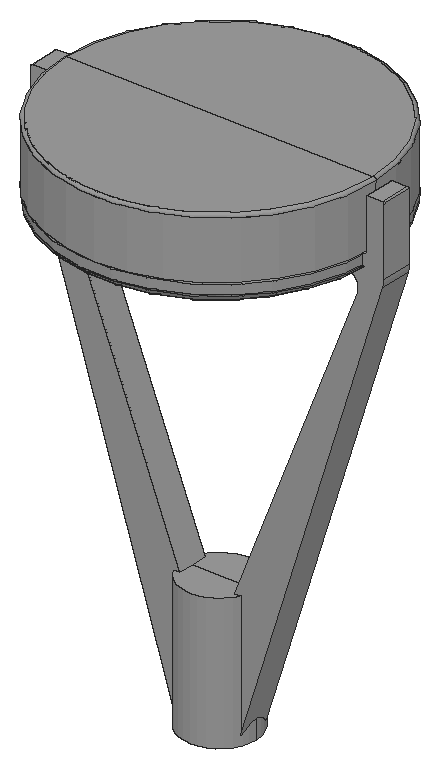
Revit family "EQ SMALL DUAL ARM", category Generic Models, Revit 2018
Family settings
  Can host rebar = No
  Round Connector Dimension = Use Diameter
  Part Type = Normal
  Work Plane-Based = No
  Always vertical = Yes
  Cut with Voids When Loaded = No
  Shared = No
  Room Calculation Point = No
Parameters
  LENS = Default
  EG SM DUAL ARM = Default
Reference planes (in)
  plane 1 "Center (Front/Back)": y = 0
  plane 2: z = 0
  plane 3 "Center (Left/Right)": x = 0
Forms (in)
  Revolve 1, solid, material "Default" <- "EG SM DUAL ARM"
    sketch origin (0, 0, -6.60391) x (1, 0, 0) y (0, 0, 1)
      loop
        arc (-6.2656, 28.93201) -> (-6.35399, 28.8954) -> (-6.3906, 28.80701) r 0.125
        line (-6.3906, 28.80701) -> (-6.3906, 26.43201) -> (-6.2656, 26.43201) -> (-6.2656, 28.80701) -> (0, 28.80701) -> (0, 28.93201) -> (-6.2656, 28.93201)
      axis (0, 28.93201) -> (0, 26.43201)
    angle from 0 to 360
  Revolve 2, solid, material "Default" <- "EG SM DUAL ARM"
    sketch origin (0, 0, -6.60391) x (1, 0, 0) y (0, 0, 1)
      loop
        arc (-6.32358, 26.43201) -> (-6.36929, 26.41213) -> (-6.38592, 26.36515) r 0.0625
        line (-6.38592, 26.36515) -> (-6.35796, 25.96517)
        arc (-6.35796, 25.96517) -> (-6.34838, 25.92747) -> (-6.32621, 25.89551) r 0.1093
        line (-6.32621, 25.89551) -> (-6.06662, 25.63592)
        arc (-6.06662, 25.63592) -> (-6.03116, 25.61223) -> (-5.98933, 25.60391) r 0.1093
        line (-5.98933, 25.60391) -> (-4.08716, 25.60391)
        arc (-4.08716, 25.60391) -> (-4.06324, 25.60867) -> (-4.04297, 25.62221) r 0.0625
        line (-4.04297, 25.62221) -> (-3.90502, 25.76016) -> (-3.32405, 25.76016)
        arc (-3.32405, 25.76016) -> (-3.27871, 25.77964) -> (-3.26164, 25.82593) r 0.0625
        line (-3.26164, 25.82593) -> (-3.26491, 25.88843)
        arc (-3.26491, 25.88843) -> (-3.2843, 25.93049) -> (-3.32733, 25.94766) r 0.0625
        line (-3.32733, 25.94766) -> (-4.03643, 25.94766)
        arc (-4.03643, 25.94766) -> (-4.07865, 25.93124) -> (-4.09869, 25.89061) r 0.0625
        line (-4.09869, 25.89061) -> (-4.10238, 25.84846)
        arc (-4.10238, 25.84846) -> (-4.12242, 25.80783) -> (-4.16464, 25.79141) r 0.0625
        line (-4.16464, 25.79141) -> (-5.82609, 25.79141)
        arc (-5.82609, 25.79141) -> (-5.86911, 25.80857) -> (-5.8885, 25.85064) r 0.0625
        line (-5.8885, 25.85064) -> (-5.96418, 27.29468)
        arc (-5.96418, 27.29468) -> (-5.98357, 27.33674) -> (-6.0266, 27.35391) r 0.0625
        line (-6.0266, 27.35391) -> (-6.09547, 27.35391)
        arc (-6.09547, 27.35391) -> (-6.1385, 27.33674) -> (-6.15789, 27.29468) r 0.0625
        line (-6.15789, 27.29468) -> (-6.2, 26.49124)
        arc (-6.2, 26.49124) -> (-6.22057, 26.44808) -> (-6.2656, 26.43201) r 0.06264
        line (-6.2656, 26.43201) -> (-6.32358, 26.43201)
      axis (0, 27.35391) -> (0, 25.60391)
    angle from 0 to 360
  Revolve 3, solid, material "Default" <- "EG SM DUAL ARM"
    sketch origin (0, 0, 0) x (1, 0, 0) y (0, 0, 1)
      loop
        line (0, 5.5) -> (-1.5, 5.5) -> (-1.5, 0) -> (0, 0) -> (0, 5.5)
      axis (0, 0) -> (0, 5.5)
    angle from 0 to 360
  Extrusion 4, solid, material "Default" <- "EG SM DUAL ARM"
    sketch origin (0, 0, 0) x (1, 0, 0) y (0, 0, 1)
      loop
        arc (6.5718, 22) -> (6.52761, 21.98169) -> (6.5093, 21.9375) r 0.0625
        line (6.5093, 21.9375) -> (6.5093, 19.8906)
        arc (6.5093, 19.8906) -> (6.49099, 19.84641) -> (6.4468, 19.8281) r 0.0625
        line (6.4468, 19.8281) -> (5.86063, 19.8281) -> (5.86063, 19)
        arc (5.86063, 19) -> (5.88705, 18.99414) -> (5.90851, 18.97767) r 0.0625
        line (5.90851, 18.97767) -> (6.05297, 18.80551)
        arc (6.05297, 18.80551) -> (6.16336, 18.56502) -> (6.13556, 18.30188) r 0.5
        line (6.13556, 18.30188) -> (1.07608, 5.375) -> (1.07608, 0.41667) -> (1.375, 0.41667) -> (7.18802, 18.85321)
        arc (7.18802, 18.85321) -> (7.22266, 19.00179) -> (7.2343, 19.15391) r 1
        line (7.2343, 19.15391) -> (7.2343, 21.9375)
        arc (7.2343, 21.9375) -> (7.21599, 21.98169) -> (7.1718, 22) r 0.0625
        line (7.1718, 22) -> (6.5718, 22)
    from -0.625 to 0.625
  Revolve 5, solid, material "Default" <- "LENS"
    sketch origin (0, 0, -0.06201) x (1, 0, 0) y (0, 0, 1)
      loop
        line (0, 19.53076) -> (-3.5, 19.53076) -> (-3.5, 19.40576) -> (0, 19.40576) -> (0, 19.53076)
      axis (0, 19.53076) -> (0, 19.40576)
    angle from 0 to 360
  Extrusion 6, solid, material "Default" <- "EG SM DUAL ARM"
    sketch origin (0, 0, 0) x (-1, 0, 0) y (0, 0, -1)
      loop
        line (6.5718, -22) -> (7.1718, -22)
        arc (7.1718, -22) -> (7.21599, -21.98169) -> (7.2343, -21.9375) r 0.0625
        line (7.2343, -21.9375) -> (7.2343, -19.15391)
        arc (7.2343, -19.15391) -> (7.22266, -19.00179) -> (7.18802, -18.85321) r 1
        line (7.18802, -18.85321) -> (1.375, -0.41667) -> (1.07608, -0.41667) -> (1.07608, -5.375) -> (6.13556, -18.30188)
        arc (6.13556, -18.30188) -> (6.16336, -18.56502) -> (6.05297, -18.80551) r 0.5
        line (6.05297, -18.80551) -> (5.90851, -18.97767)
        arc (5.90851, -18.97767) -> (5.88705, -18.99414) -> (5.86063, -19) r 0.0625
        line (5.86063, -19) -> (5.86063, -19.8281) -> (6.4468, -19.8281)
        arc (6.4468, -19.8281) -> (6.49099, -19.84641) -> (6.5093, -19.8906) r 0.0625
        line (6.5093, -19.8906) -> (6.5093, -21.9375)
        arc (6.5093, -21.9375) -> (6.52761, -21.98169) -> (6.5718, -22) r 0.0625
    from -0.625 to 0.625
Cuts and joins
  joined: Revolve 3, Extrusion 4, Extrusion 6
Dimensions and locks (in)
  aligned and locked: plane 2 to level
